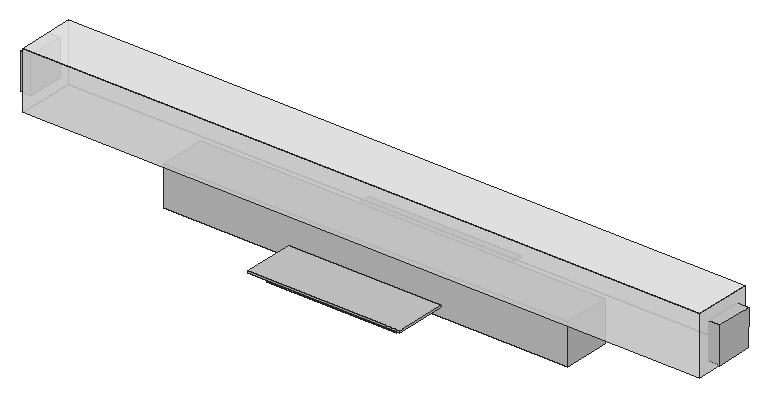
Revit family "2-5170-224 Adelphi", category Lighting Fixtures, Revit 2014
Parameters
  Wattage = 4.9077 W
  built-in parameter 1150110 = 1 (stored number, unit not read)
  URL = "http:www//oxygenlighting.com"
  Type Comments = "Lighting - Fluorescent"
  built-in parameter 1114217 = 1 (stored number, unit not read)
  Tilt Angle = 180.00°
  built-in parameter 1150109 = 1 (stored number, unit not read)
  built-in parameter 1150134 = 3
  built-in parameter 1150113 = 1 (stored number, unit not read)
  SHADE = White Linen Shade
  Product Documentation Link = "http://oxygenlighting.com.s3.amazonaws.com/downloads/cutsheets/2-5170-xxx.pdf"
  Power Factor = ""
  Photometric Web File = "2-5170-224.IES"
  Model = "2-5170-224"
  Metal Finish = Satin Nickel
  Manufacturer = "Oxygen Lighting"
  built-in parameter 1150105 = 58.012 (stored number, unit not read)
  Lumens = 729 lm
  built-in parameter 1150115 = 1 (stored number, unit not read)
  built-in parameter 1150137 = (empty or 0)
  built-in parameter 1150139 = (empty or 0)
  built-in parameter 1150112 = 1 (stored number, unit not read)
  Lamp Manufacturer = "Sylvania"
  built-in parameter 1150114 = 1 (stored number, unit not read)
  Lamp = "1x14W T5 Linear fluorescent"
  Junction Box = "4\" Octagonal"
  Input Voltage = "120V"
  Input Power = "17.3"
  Input Current = ""
  built-in parameter 1150132 = 2
  built-in parameter 1150102 = (empty or 0)
  built-in parameter 1150107 = 3200 (stored number, unit not read)
  built-in parameter 1150138 = (empty or 0)
  built-in parameter 1150106 = 0.58012 (stored number, unit not read)
  Fixture Length = 1' - 11 1/2"
  Fixture Height = 0' - 2"
  Emit from Rectangle Width = 2' - 0"
  Emit from Rectangle Length = 4' - 0"
  Emit Shape Visible in Rendering = no
  built-in parameter 1150104 = 13.8 (stored number, unit not read)
  Dimming Lamp Color Temperature Shift = (empty or 0)
  Color Filter = 16777215
  built-in parameter 1114218 = 1 (stored number, unit not read)
  Ballast  Manufacturer = "Antron Electronics ESD-A21T5"
  Diffuser = Matte White Acrylic
  Description = "24 1/4\" Vanity"
  Default Elevation = 4' - 0"
  built-in parameter 1150133 = 10 (stored number, unit not read)
  Apparent Load = 17.3 VA
  ADA Compliant = yes
Reference planes (in)
  plane 1 "Light Source Axis (F/B)": y = -8.60801
  plane 2: z = 0
  plane 3 "Light Source Axis (L/R)": x = 0
  plane 4 "Light Source Elevation": z = 5
  plane 5: z = 0
  plane 6: z = 2.3848
  plane 7: z = 1.8848
  plane 8: x = 11.75
  plane 9: x = -11.75
  plane 10: y = -7.60801
  plane 11: y = -9.60801
  plane 12: y = -5.98301
  plane 13: y = -11.23301
  plane 14: z = 3.375
  plane 15: z = 1.375
  plane 16: z = 3
  plane 17: z = 1.75
  plane 18: x = -7
  plane 19: x = 7
Forms (in)
  Extrusion 1, solid, material "Satin Nickel" <- "Metal Finish", not visible
    sketch origin (0, 0, 5) x (0, -1, 0) y (1, 0, 0)
      loop
        line (2.60801, -6) -> (14.60801, -6) -> (14.60801, 6) -> (2.60801, 6) -> (2.60801, -6)
      loop
        line (14.04551, 5.4375) -> (3.17051, 5.4375) -> (3.17051, -5.4375) -> (14.04551, -5.4375) -> (14.04551, 5.4375)
    from -0.375 to -0.785
  Extrusion 2, solid, material "Satin Nickel" <- "Metal Finish", not visible
    sketch origin (0, 0, 5) x (0, -1, 0) y (1, 0, 0)
      loop
        line (2.60801, -6) -> (14.60801, -6) -> (14.60801, 6) -> (2.60801, 6) -> (2.60801, -6)
    from -5 to -4.59
  Extrusion 3, solid, material "Satin Nickel" <- "Metal Finish", not visible
    sketch origin (0, 0, 5) x (0, -1, 0) y (1, 0, 0)
      loop
        circle (14.27801, 5.67) r 0.195
      loop
        circle (14.27801, -5.67) r 0.195
      loop
        circle (2.93801, -5.67) r 0.195
      loop
        circle (2.93801, 5.67) r 0.195
    from -0.175 to -5
  Extrusion 4, solid, material "Matte White Acrylic" <- "Diffuser", not visible
    sketch origin (0, 0, 5) x (0, -1, 0) y (1, 0, 0)
      loop
        line (3.17051, -5.4375) -> (14.04551, -5.4375) -> (14.04551, 5.4375) -> (3.17051, 5.4375) -> (3.17051, -5.4375)
      loop
        line (3.25051, 5.3575) -> (3.25051, -5.3575) -> (13.96551, -5.3575) -> (13.96551, 5.3575) -> (3.25051, 5.3575)
    from -4.59 to -0.375
  Extrusion 5, solid, material "Matte White Acrylic" <- "Diffuser", not visible
    sketch origin (0, 0, 5) x (0, -1, 0) y (1, 0, 0)
      loop
        line (3.17051, -5.4375) -> (14.04551, -5.4375) -> (14.04551, 5.4375) -> (3.17051, 5.4375) -> (3.17051, -5.4375)
    from -0.45282 to -0.375
  Revolve 6, solid, material "Satin Nickel" <- "Metal Finish", not visible
    sketch origin (-5.67, 0, 0) x (0, 1, 0) y (0, 0, 1)
      loop
        arc (-2.74301, 4.825) -> (-2.83442, 4.87697) -> (-2.93801, 4.895) r 0.30661
        line (-2.93801, 4.895) -> (-2.93801, 4.825) -> (-2.74301, 4.825)
      axis (-2.93801, 4.825) -> (-2.93801, 4.895)
    angle from 0 to 360
  Revolve 7, solid, material "Satin Nickel" <- "Metal Finish", not visible
    sketch origin (5.67, -11.34, 0) x (0, 1, 0) y (0, 0, 1)
      loop
        arc (-2.74301, 4.825) -> (-2.83442, 4.87697) -> (-2.93801, 4.895) r 0.30661
        line (-2.93801, 4.895) -> (-2.93801, 4.825) -> (-2.74301, 4.825)
      axis (-2.93801, 4.825) -> (-2.93801, 4.895)
    angle from 0 to 360
  Revolve 8, solid, material "Satin Nickel" <- "Metal Finish", not visible
    sketch origin (5.67, 0, 0) x (0, 1, 0) y (0, 0, 1)
      loop
        arc (-2.74301, 4.825) -> (-2.83442, 4.87697) -> (-2.93801, 4.895) r 0.30661
        line (-2.93801, 4.895) -> (-2.93801, 4.825) -> (-2.74301, 4.825)
      axis (-2.93801, 4.825) -> (-2.93801, 4.895)
    angle from 0 to 360
  Revolve 9, solid, material "Satin Nickel" <- "Metal Finish", not visible
    sketch origin (-5.67, -11.34, 0) x (0, 1, 0) y (0, 0, 1)
      loop
        arc (-2.74301, 4.825) -> (-2.83442, 4.87697) -> (-2.93801, 4.895) r 0.30661
        line (-2.93801, 4.895) -> (-2.93801, 4.825) -> (-2.74301, 4.825)
      axis (-2.93801, 4.825) -> (-2.93801, 4.895)
    angle from 0 to 360
  Extrusion 10, solid, material "Matte White Acrylic" <- "Diffuser", not visible
    sketch origin (0, 0, 5) x (0, -1, 0) y (1, 0, 0)
      loop
        circle (8.60801, 0) r 7.43856
    from 7.56293 to 7.75993
  Extrusion 11, solid, material "Satin Nickel" <- "Metal Finish", not visible
    sketch origin (0, 0, 5) x (0, -1, 0) y (1, 0, 0)
      loop
        circle (8.60801, 0) r 2.758
    from 7.81903 to 7.90405
  Revolve 12, solid, material "Satin Nickel" <- "Metal Finish", not visible
    sketch origin (0, 0, 0) x (0, 1, 0) y (0, 0, 1)
      loop
        line (-1.41871, 10.61415) -> (-1.41871, 12.56293) -> (-1.45023, 12.56293) -> (-1.45023, 10.61415)
        arc (-1.45023, 10.61415) -> (-1.456, 10.60022) -> (-1.46993, 10.59445) r 0.0197
        line (-1.46993, 10.59445) -> (-7.84827, 10.59445)
        arc (-7.84827, 10.59445) -> (-7.91857, 10.60077) -> (-7.98661, 10.61953) r 0.394
        line (-7.98661, 10.61953) -> (-8.16802, 10.68756)
        arc (-8.16802, 10.68756) -> (-8.23606, 10.70633) -> (-8.30636, 10.71265) r 0.394
        line (-8.30636, 10.71265) -> (-8.60801, 10.71265) -> (-8.60801, 10.68113) -> (-8.30636, 10.68113)
        arc (-8.30636, 10.68113) -> (-8.28126, 10.68033) -> (-8.25625, 10.67793) r 0.394
        arc (-8.25625, 10.67793) -> (-8.2115, 10.66954) -> (-8.16802, 10.65604) r 0.394
        line (-8.16802, 10.65604) -> (-7.98661, 10.58801)
        arc (-7.98661, 10.58801) -> (-7.91857, 10.56925) -> (-7.84827, 10.56293) r 0.394
        line (-7.84827, 10.56293) -> (-1.46993, 10.56293)
        arc (-1.46993, 10.56293) -> (-1.43372, 10.57793) -> (-1.41871, 10.61415) r 0.05122
      axis (-8.60801, 12.56293) -> (-8.60801, 10.56293)
    angle from 0 to 360
  Extrusion 13, solid, not visible
    sketch origin (0, 0, 5) x (0, -1, 0) y (1, 0, 0)
      loop
        circle (13.2144, 2.6595) r 0.197
      loop
        circle (4.00163, 2.6595) r 0.197
      loop
        circle (8.60801, -5.319) r 0.197
    from 5.00069 to 5.59445
  Revolve 14, solid, not visible
    sketch origin (0, 0, 0) x (0, 1, 0) y (0, 0, 1)
      loop
        line (-6.83801, 1.09605) -> (-6.83801, 1.3)
        arc (-6.83801, 1.3) -> (-6.882, 1.32836) -> (-6.93301, 1.34) r 0.15097
        line (-6.93301, 1.34) -> (-6.93301, 1.46) -> (-7.00801, 1.46) -> (-7.00801, 1.03) -> (-6.77801, 1.03) -> (-6.77801, 1.07)
        arc (-6.77801, 1.07) -> (-6.80582, 1.08809) -> (-6.83801, 1.09605) r 0.09961
      axis (-7.00801, 1.03) -> (-7.00801, 1.46)
    angle from 0 to 360
  Revolve 15, solid, not visible
    sketch origin (0, 0, 0) x (0, 1, 0) y (0, 0, 1)
      loop
        line (-6.60801, 0.9675) -> (-5.85801, 0.9675) -> (-5.85801, 1.03) -> (-8.60801, 1.03) -> (-8.60801, 0) -> (-6.60801, 0) -> (-6.60801, 0.9675)
      axis (-8.60801, 1.03) -> (-8.60801, 0)
    angle from 0 to 360
  Blend 16, solid, not visible
    base sketch origin (0, 0, 5) x (0, -1, 0) y (1, 0, 0)
      loop
        circle (7.01958, 0) r 0.03114
    top sketch origin (0, 0, 5) x (0, -1, 0) y (1, 0, 0)
      loop
        circle (3.99126, 2.65199) r 0.03261
    from -3.54 to 5.00069
  Revolve 17, solid, not visible
    sketch origin (7.45476, -12.91202, 0) x (0.866025, -0.5, 0) y (0, 0, 1)
      loop
        line (-6.83801, 1.09605) -> (-6.83801, 1.3)
        arc (-6.83801, 1.3) -> (-6.882, 1.32836) -> (-6.93301, 1.34) r 0.15097
        line (-6.93301, 1.34) -> (-6.93301, 1.46) -> (-7.00801, 1.46) -> (-7.00801, 1.03) -> (-6.77801, 1.03) -> (-6.77801, 1.07)
        arc (-6.77801, 1.07) -> (-6.80582, 1.08809) -> (-6.83801, 1.09605) r 0.09961
      axis (-7.00801, 1.03) -> (-7.00801, 1.46)
    angle from 0 to 360
  Revolve 18, solid, not visible
    sketch origin (-7.45476, -12.91202, 0) x (-0.866025, -0.5, 0) y (0, 0, 1)
      loop
        line (-6.83801, 1.09605) -> (-6.83801, 1.3)
        arc (-6.83801, 1.3) -> (-6.882, 1.32836) -> (-6.93301, 1.34) r 0.15097
        line (-6.93301, 1.34) -> (-6.93301, 1.46) -> (-7.00801, 1.46) -> (-7.00801, 1.03) -> (-6.77801, 1.03) -> (-6.77801, 1.07)
        arc (-6.77801, 1.07) -> (-6.80582, 1.08809) -> (-6.83801, 1.09605) r 0.09961
      axis (-7.00801, 1.03) -> (-7.00801, 1.46)
    angle from 0 to 360
  Blend 19, solid, not visible
    base sketch origin (0, 0, 5) x (0, -1, 0) y (1, 0, 0)
      loop
        circle (9.39942, 1.38405) r 0.03129
    top sketch origin (0, 0, 5) x (0, -1, 0) y (1, 0, 0)
      loop
        circle (13.20572, 2.65068) r 0.03291
    from -3.54 to 5.00069
  Blend 20, solid, not visible
    base sketch origin (0, 0, 5) x (0, -1, 0) y (1, 0, 0)
      loop
        circle (9.40429, -1.38764) r 0.03256
    top sketch origin (0, 0, 5) x (0, -1, 0) y (1, 0, 0)
      loop
        circle (8.60801, -5.31942) r 0.03147
    from -3.54 to 5.00069
  Extrusion 21, solid, material "Matte White Acrylic" <- "Diffuser", not visible
    sketch origin (0, 0, 5) x (0, -1, 0) y (1, 0, 0)
      loop
        circle (8.60801, 0) r 7.43856
    from 7.56293 to 7.75993
  Extrusion 22, solid, material "Satin Nickel" <- "Metal Finish", not visible
    sketch origin (0, 0, 5) x (0, -1, 0) y (1, 0, 0)
      loop
        circle (8.60801, 0) r 2.758
    from 7.81903 to 7.90405
  Revolve 23, solid, material "Satin Nickel" <- "Metal Finish", not visible
    sketch origin (0, 0, 0) x (0, 1, 0) y (0, 0, 1)
      loop
        line (-1.41871, 10.61415) -> (-1.41871, 12.56293) -> (-1.45023, 12.56293) -> (-1.45023, 10.61415)
        arc (-1.45023, 10.61415) -> (-1.456, 10.60022) -> (-1.46993, 10.59445) r 0.0197
        line (-1.46993, 10.59445) -> (-7.84827, 10.59445)
        arc (-7.84827, 10.59445) -> (-7.91857, 10.60077) -> (-7.98661, 10.61953) r 0.394
        line (-7.98661, 10.61953) -> (-8.16802, 10.68756)
        arc (-8.16802, 10.68756) -> (-8.23606, 10.70633) -> (-8.30636, 10.71265) r 0.394
        line (-8.30636, 10.71265) -> (-8.60801, 10.71265) -> (-8.60801, 10.68113) -> (-8.30636, 10.68113)
        arc (-8.30636, 10.68113) -> (-8.28126, 10.68033) -> (-8.25625, 10.67793) r 0.394
        arc (-8.25625, 10.67793) -> (-8.2115, 10.66954) -> (-8.16802, 10.65604) r 0.394
        line (-8.16802, 10.65604) -> (-7.98661, 10.58801)
        arc (-7.98661, 10.58801) -> (-7.91857, 10.56925) -> (-7.84827, 10.56293) r 0.394
        line (-7.84827, 10.56293) -> (-1.46993, 10.56293)
        arc (-1.46993, 10.56293) -> (-1.43372, 10.57793) -> (-1.41871, 10.61415) r 0.05122
      axis (-8.60801, 12.56293) -> (-8.60801, 10.56293)
    angle from 0 to 360
  Extrusion 24, solid, not visible
    sketch origin (-4.30401, -1.15326, 5) x (0.5, -0.866025, 0) y (0.866025, 0.5, 0)
      loop
        circle (13.2144, 2.6595) r 0.197
      loop
        circle (4.00163, 2.6595) r 0.197
      loop
        circle (8.60801, -5.319) r 0.197
    from 5.00069 to 5.59445
  Revolve 25, solid, not visible
    sketch origin (0, 0, 0) x (0, 1, 0) y (0, 0, 1)
      loop
        line (-6.83801, 1.09605) -> (-6.83801, 1.3)
        arc (-6.83801, 1.3) -> (-6.882, 1.32836) -> (-6.93301, 1.34) r 0.15097
        line (-6.93301, 1.34) -> (-6.93301, 1.46) -> (-7.00801, 1.46) -> (-7.00801, 1.03) -> (-6.77801, 1.03) -> (-6.77801, 1.07)
        arc (-6.77801, 1.07) -> (-6.80582, 1.08809) -> (-6.83801, 1.09605) r 0.09961
      axis (-7.00801, 1.03) -> (-7.00801, 1.46)
    angle from 0 to 360
  Revolve 26, solid, not visible
    sketch origin (0, 0, 0) x (0, 1, 0) y (0, 0, 1)
      loop
        line (-6.60801, 0.9675) -> (-5.85801, 0.9675) -> (-5.85801, 1.03) -> (-8.60801, 1.03) -> (-8.60801, 0) -> (-6.60801, 0) -> (-6.60801, 0.9675)
      axis (-8.60801, 1.03) -> (-8.60801, 0)
    angle from 0 to 360
  Blend 27, solid, not visible
    base sketch origin (0, 0, 5) x (0, -1, 0) y (1, 0, 0)
      loop
        circle (7.01958, 0) r 0.03114
    top sketch origin (0, 0, 5) x (0, -1, 0) y (1, 0, 0)
      loop
        circle (3.28066, 0) r 0.03261
    from -3.54 to 5.00069
  Revolve 28, solid, not visible
    sketch origin (7.45476, -12.91202, 0) x (0.866025, -0.5, 0) y (0, 0, 1)
      loop
        line (-6.83801, 1.09605) -> (-6.83801, 1.3)
        arc (-6.83801, 1.3) -> (-6.882, 1.32836) -> (-6.93301, 1.34) r 0.15097
        line (-6.93301, 1.34) -> (-6.93301, 1.46) -> (-7.00801, 1.46) -> (-7.00801, 1.03) -> (-6.77801, 1.03) -> (-6.77801, 1.07)
        arc (-6.77801, 1.07) -> (-6.80582, 1.08809) -> (-6.83801, 1.09605) r 0.09961
      axis (-7.00801, 1.03) -> (-7.00801, 1.46)
    angle from 0 to 360
  Revolve 29, solid, not visible
    sketch origin (-7.45476, -12.91202, 0) x (-0.866025, -0.5, 0) y (0, 0, 1)
      loop
        line (-6.83801, 1.09605) -> (-6.83801, 1.3)
        arc (-6.83801, 1.3) -> (-6.882, 1.32836) -> (-6.93301, 1.34) r 0.15097
        line (-6.93301, 1.34) -> (-6.93301, 1.46) -> (-7.00801, 1.46) -> (-7.00801, 1.03) -> (-6.77801, 1.03) -> (-6.77801, 1.07)
        arc (-6.77801, 1.07) -> (-6.80582, 1.08809) -> (-6.83801, 1.09605) r 0.09961
      axis (-7.00801, 1.03) -> (-7.00801, 1.46)
    angle from 0 to 360
  Blend 30, solid, not visible
    base sketch origin (0, 0, 5) x (0, -1, 0) y (1, 0, 0)
      loop
        circle (9.39942, 1.38405) r 0.03129
    top sketch origin (0, 0, 5) x (0, -1, 0) y (1, 0, 0)
      loop
        circle (11.26118, 4.59523) r 0.03291
    from -3.54 to 5.00069
  Blend 31, solid, not visible
    base sketch origin (0, 0, 5) x (0, -1, 0) y (1, 0, 0)
      loop
        circle (9.40429, -1.38764) r 0.03256
    top sketch origin (0, 0, 5) x (0, -1, 0) y (1, 0, 0)
      loop
        circle (11.25891, -4.60942) r 0.03278
    from -3.54 to 5.00069
  Extrusion 32, solid, material "Satin Nickel" <- "Metal Finish", not visible
    sketch origin (0, 0, 5) x (0, -1, 0) y (1, 0, 0)
      loop
        circle (8.60801, 0) r 5.1875
    from -5 to -4.5625
  Extrusion 33, solid, material "Satin Nickel" <- "Metal Finish", not visible
    sketch origin (0, 0, 5) x (0, -1, 0) y (1, 0, 0)
      loop
        circle (8.60801, 0) r 5.1875
      loop
        circle (8.60801, 0) r 4.375
    from -3.1875 to -2.75
  Extrusion 34, solid, material "Satin Nickel" <- "Metal Finish", not visible
    sketch origin (0, 0, 5) x (0, -1, 0) y (1, 0, 0)
      loop
        circle (3.82676, 0) r 0.1875
      loop
        circle (10.99864, 4.14068) r 0.1875
      loop
        circle (10.99864, -4.14068) r 0.1875
    from -4.5625 to -2.5625
  Revolve 35, solid, material "Matte White Acrylic" <- "Diffuser", not visible
    sketch origin (0, 0, 0) x (0, 1, 0) y (0, 0, 1)
      loop
        line (-8.60801, 3.43893) -> (-8.60801, 3.31393)
        arc (-8.60801, 3.31393) -> (-6.42584, 3.05921) -> (-4.361, 2.30875) r 9.47469
        line (-4.361, 2.30875) -> (-4.361, 1.6875) -> (-4.20176, 1.6875) -> (-4.20176, 0.4375) -> (-4.07676, 0.4375) -> (-4.07676, 1.8125) -> (-4.236, 1.8125) -> (-4.236, 2.38555)
        arc (-4.236, 2.38555) -> (-6.35945, 3.17187) -> (-8.60801, 3.43893) r 9.59969
      axis (-8.60801, 3.43893) -> (-8.60801, 0.4375)
    angle from 0 to 360
  Blend 36, solid, material "Satin Nickel" <- "Metal Finish", not visible
    base sketch origin (0, -8.60801, 0) x (1, 0, 0) y (0, 0, 1)
      loop
        line (-0.25, 2.3848) -> (-0.25, 1.8848) -> (0.25, 1.8848) -> (0.25, 2.3848) -> (-0.25, 2.3848)
    top sketch origin (0, -8.60801, 0) x (1, 0, 0) y (0, 0, 1)
      loop
        line (-0.875, 2.6973) -> (-0.875, 1.5723) -> (0.875, 1.5723) -> (0.875, 2.6973) -> (-0.875, 2.6973)
    from 21.5 to 2.40625
  Extrusion 37, solid, material "Satin Nickel" <- "Metal Finish", not visible
    sketch origin (0, 0, 5) x (0, -1, 0) y (1, 0, 0)
      loop
        line (15.97575, -1.25) -> (18.47575, -1.25) -> (18.47575, 1.25) -> (15.97575, 1.25) -> (15.97575, -1.25)
    from -5 to -4.5
  Extrusion 38, solid, material "Satin Nickel" <- "Metal Finish", not visible
    sketch origin (0, 0, 5) x (0, -1, 0) y (1, 0, 0)
      loop
        line (17.007, -0.25) -> (17.4445, -0.25) -> (17.4445, 0.21875) -> (17.007, 0.21875) -> (17.007, -0.25)
    from -4.51406 to -2.92248
  Extrusion 39, solid, material "White Linen Shade" <- "SHADE", not visible
    sketch origin (0, -8.60801, 0) x (1, 0, 0) y (0, 0, 1)
      loop
        line (3, 4) -> (-3, 4)
        arc (-3, 4) -> (-4.41421, 3.41421) -> (-5, 2) r 2
        line (-5, 2) -> (-5, 0.25) -> (-4.875, 0.25) -> (-4.875, 2)
        arc (-4.875, 2) -> (-4.32583, 3.32583) -> (-3, 3.875) r 1.875
        line (-3, 3.875) -> (3, 3.875)
        arc (3, 3.875) -> (4.32583, 3.32583) -> (4.875, 2) r 1.875
        line (4.875, 2) -> (4.875, 0.25) -> (5, 0.25) -> (5, 2)
        arc (5, 2) -> (4.41421, 3.41421) -> (3, 4) r 2
    from -2.5 to 2.25
  Extrusion 40, solid, material "Matte White Acrylic" <- "Diffuser", not visible
    sketch origin (0, -8.60801, 0) x (1, 0, 0) y (0, 0, 1)
      loop
        line (3, 3.625) -> (-3, 3.625)
        arc (-3, 3.625) -> (-4.04159, 3.08166) -> (-4.5, 2) r 1.73895
        line (-4.5, 2) -> (-4.5, 0.72327) -> (-4.5, 0) -> (4.5, 0) -> (4.5, 0.79585) -> (4.5, 2)
        arc (4.5, 2) -> (4.04159, 3.08166) -> (3, 3.625) r 1.73895
      loop
        circle (2.8125, 3.29504) r 0.1875
      loop
        circle (2.375, 3.26379) r 0.1875
      loop
        circle (1.90625, 3.26379) r 0.1875
      loop
        circle (1.4375, 3.26379) r 0.1875
      loop
        circle (3.28125, 2.85754) r 0.1875
      loop
        circle (3.75, 2.42004) r 0.1875
      loop
        circle (3.28125, 2.42004) r 0.1875
      loop
        circle (2.8125, 2.85754) r 0.1875
      loop
        circle (2.8125, 2.42004) r 0.1875
      loop
        circle (2.375, 2.82629) r 0.1875
      loop
        circle (2.375, 2.38879) r 0.1875
      loop
        circle (2.375, 1.95129) r 0.1875
      loop
        circle (4.21875, 1.98254) r 0.1875
      loop
        circle (4.21875, 1.54504) r 0.1875
      loop
        circle (4.21875, 1.10754) r 0.1875
      loop
        circle (3.75, 1.98254) r 0.1875
      loop
        circle (3.75, 1.54504) r 0.1875
      loop
        circle (3.75, 1.10754) r 0.1875
      loop
        circle (3.28125, 1.10754) r 0.1875
      loop
        circle (3.28125, 1.54504) r 0.1875
      loop
        circle (3.28125, 1.98254) r 0.1875
      loop
        circle (2.8125, 1.98254) r 0.1875
      loop
        circle (2.8125, 1.54504) r 0.1875
      loop
        circle (2.8125, 1.10754) r 0.1875
      loop
        circle (2.375, 1.51379) r 0.1875
      loop
        circle (2.375, 1.07629) r 0.1875
      loop
        circle (1.90625, 2.82629) r 0.1875
      loop
        circle (1.90625, 2.38879) r 0.1875
      loop
        circle (1.90625, 1.95129) r 0.1875
      loop
        circle (1.90625, 1.51379) r 0.1875
      loop
        circle (1.90625, 1.07629) r 0.1875
      loop
        circle (1.4375, 2.82629) r 0.1875
      loop
        circle (1.4375, 2.38879) r 0.1875
      loop
        circle (1.4375, 1.95129) r 0.1875
      loop
        circle (1.4375, 1.51379) r 0.1875
      loop
        circle (1.4375, 1.07629) r 0.1875
      loop
        circle (0.96875, 3.26379) r 0.1875
      loop
        circle (0.96875, 2.82629) r 0.1875
      loop
        circle (0.96875, 2.38879) r 0.1875
      loop
        circle (0.96875, 1.95129) r 0.1875
      loop
        circle (0.96875, 1.51379) r 0.1875
      loop
        circle (0.96875, 1.07629) r 0.1875
      loop
        circle (0.5, 1.07629) r 0.1875
      loop
        circle (0.5, 1.51379) r 0.1875
      loop
        circle (0.5, 1.95129) r 0.1875
      loop
        circle (0.5, 2.38879) r 0.1875
      loop
        circle (0.5, 2.82629) r 0.1875
      loop
        circle (0.5, 3.26379) r 0.1875
      loop
        circle (0, 3.26379) r 0.1875
      loop
        circle (0, 2.82629) r 0.1875
      loop
        circle (0, 2.15625) r 0.1875
      loop
        circle (0, 1.5625) r 0.1875
      loop
        circle (-0.5, 1.51379) r 0.1875
      loop
        circle (-0.5, 1.07629) r 0.1875
      loop
        circle (-0.5, 1.95129) r 0.1875
      loop
        circle (-0.5, 2.38879) r 0.1875
      loop
        circle (-0.5, 2.82629) r 0.1875
      loop
        circle (-0.5, 3.26379) r 0.1875
      loop
        circle (-0.96875, 3.26379) r 0.1875
      loop
        circle (-1.4375, 3.26379) r 0.1875
      loop
        circle (-0.96875, 2.82629) r 0.1875
      loop
        circle (-1.4375, 2.82629) r 0.1875
      loop
        circle (-1.90625, 3.26379) r 0.1875
      loop
        circle (-2.375, 3.26379) r 0.1875
      loop
        circle (-2.8125, 3.29504) r 0.1875
      loop
        circle (-1.90625, 2.82629) r 0.1875
      loop
        circle (-2.375, 2.82629) r 0.1875
      loop
        circle (-2.8125, 2.85754) r 0.1875
      loop
        circle (-3.28125, 2.85754) r 0.1875
      loop
        circle (-1.4375, 2.38879) r 0.1875
      loop
        circle (-0.96875, 2.38879) r 0.1875
      loop
        circle (-0.96875, 1.95129) r 0.1875
      loop
        circle (-0.96875, 1.51379) r 0.1875
      loop
        circle (-0.96875, 1.07629) r 0.1875
      loop
        circle (-1.4375, 1.51379) r 0.1875
      loop
        circle (-1.4375, 1.07629) r 0.1875
      loop
        circle (-1.4375, 1.95129) r 0.1875
      loop
        circle (-1.90625, 2.38879) r 0.1875
      loop
        circle (-1.90625, 1.95129) r 0.1875
      loop
        circle (-1.90625, 1.51379) r 0.1875
      loop
        circle (-1.90625, 1.07629) r 0.1875
      loop
        circle (-2.375, 1.07629) r 0.1875
      loop
        circle (-2.375, 1.51379) r 0.1875
      loop
        circle (-2.375, 1.95129) r 0.1875
      loop
        circle (-2.375, 2.38879) r 0.1875
      loop
        circle (-2.8125, 2.42004) r 0.1875
      loop
        circle (-2.8125, 1.98254) r 0.1875
      loop
        circle (-2.8125, 1.54504) r 0.1875
      loop
        circle (-2.8125, 1.10754) r 0.1875
      loop
        circle (-3.28125, 1.54504) r 0.1875
      loop
        circle (-3.28125, 1.10754) r 0.1875
      loop
        circle (-3.28125, 1.98254) r 0.1875
      loop
        circle (-3.28125, 2.42004) r 0.1875
      loop
        circle (-3.75, 2.42004) r 0.1875
      loop
        circle (-3.75, 1.98254) r 0.1875
      loop
        circle (-3.75, 1.54504) r 0.1875
      loop
        circle (-3.75, 1.10754) r 0.1875
      loop
        circle (-4.21875, 1.10754) r 0.1875
      loop
        circle (-4.21875, 1.54504) r 0.1875
      loop
        circle (-4.21875, 1.98254) r 0.1875
    from 2.28125 to 2.40625
  Extrusion 41, solid, material "Matte White Acrylic" <- "Diffuser", not visible
    sketch origin (0, -8.60801, 0) x (1, 0, 0) y (0, 0, -1)
      loop
        arc (3, -3.625) -> (4.04159, -3.08166) -> (4.5, -2) r 1.73895
        line (4.5, -2) -> (4.5, -0.8125) -> (-4.5, -0.8125) -> (-4.5, -2)
        arc (-4.5, -2) -> (-4.04159, -3.08166) -> (-3, -3.625) r 1.73895
        line (-3, -3.625) -> (3, -3.625)
      loop
        circle (2.8125, -3.29504) r 0.1875
      loop
        circle (2.375, -3.26379) r 0.1875
      loop
        circle (1.90625, -3.26379) r 0.1875
      loop
        circle (1.4375, -3.26379) r 0.1875
      loop
        circle (3.28125, -2.85754) r 0.1875
      loop
        circle (3.75, -2.42004) r 0.1875
      loop
        circle (3.28125, -2.42004) r 0.1875
      loop
        circle (2.8125, -2.85754) r 0.1875
      loop
        circle (2.8125, -2.42004) r 0.1875
      loop
        circle (2.375, -2.82629) r 0.1875
      loop
        circle (2.375, -2.38879) r 0.1875
      loop
        circle (2.375, -1.95129) r 0.1875
      loop
        circle (4.21875, -1.98254) r 0.1875
      loop
        circle (4.21875, -1.54504) r 0.1875
      loop
        circle (4.21875, -1.10754) r 0.1875
      loop
        circle (3.75, -1.98254) r 0.1875
      loop
        circle (3.75, -1.54504) r 0.1875
      loop
        circle (3.75, -1.10754) r 0.1875
      loop
        circle (3.28125, -1.10754) r 0.1875
      loop
        circle (3.28125, -1.54504) r 0.1875
      loop
        circle (3.28125, -1.98254) r 0.1875
      loop
        circle (2.8125, -1.98254) r 0.1875
      loop
        circle (2.8125, -1.54504) r 0.1875
      loop
        circle (2.8125, -1.10754) r 0.1875
      loop
        circle (2.375, -1.51379) r 0.1875
      loop
        circle (2.375, -1.07629) r 0.1875
      loop
        circle (1.90625, -2.82629) r 0.1875
      loop
        circle (1.90625, -2.38879) r 0.1875
      loop
        circle (1.90625, -1.95129) r 0.1875
      loop
        circle (1.90625, -1.51379) r 0.1875
      loop
        circle (1.90625, -1.07629) r 0.1875
      loop
        circle (1.4375, -2.82629) r 0.1875
      loop
        circle (1.4375, -2.38879) r 0.1875
      loop
        circle (1.4375, -1.95129) r 0.1875
      loop
        circle (1.4375, -1.51379) r 0.1875
      loop
        circle (1.4375, -1.07629) r 0.1875
      loop
        circle (0.96875, -3.26379) r 0.1875
      loop
        circle (0.96875, -2.82629) r 0.1875
      loop
        circle (0.96875, -2.38879) r 0.1875
      loop
        circle (0.96875, -1.95129) r 0.1875
      loop
        circle (0.96875, -1.51379) r 0.1875
      loop
        circle (0.96875, -1.07629) r 0.1875
      loop
        circle (0.5, -1.07629) r 0.1875
      loop
        circle (0.5, -1.51379) r 0.1875
      loop
        circle (0.5, -1.95129) r 0.1875
      loop
        circle (0.5, -2.38879) r 0.1875
      loop
        circle (0.5, -2.82629) r 0.1875
      loop
        circle (0.5, -3.26379) r 0.1875
      loop
        circle (0, -3.26379) r 0.1875
      loop
        circle (0, -2.82629) r 0.1875
      loop
        circle (0, -2.15625) r 0.1875
      loop
        circle (0, -1.5625) r 0.1875
      loop
        circle (-0.5, -1.51379) r 0.1875
      loop
        circle (-0.5, -1.07629) r 0.1875
      loop
        circle (-0.5, -1.95129) r 0.1875
      loop
        circle (-0.5, -2.38879) r 0.1875
      loop
        circle (-0.5, -2.82629) r 0.1875
      loop
        circle (-0.5, -3.26379) r 0.1875
      loop
        circle (-0.96875, -3.26379) r 0.1875
      loop
        circle (-1.4375, -3.26379) r 0.1875
      loop
        circle (-0.96875, -2.82629) r 0.1875
      loop
        circle (-1.4375, -2.82629) r 0.1875
      loop
        circle (-1.90625, -3.26379) r 0.1875
      loop
        circle (-2.375, -3.26379) r 0.1875
      loop
        circle (-2.8125, -3.29504) r 0.1875
      loop
        circle (-1.90625, -2.82629) r 0.1875
      loop
        circle (-2.375, -2.82629) r 0.1875
      loop
        circle (-2.8125, -2.85754) r 0.1875
      loop
        circle (-3.28125, -2.85754) r 0.1875
      loop
        circle (-1.4375, -2.38879) r 0.1875
      loop
        circle (-0.96875, -2.38879) r 0.1875
      loop
        circle (-0.96875, -1.95129) r 0.1875
      loop
        circle (-0.96875, -1.51379) r 0.1875
      loop
        circle (-0.96875, -1.07629) r 0.1875
      loop
        circle (-1.4375, -1.51379) r 0.1875
      loop
        circle (-1.4375, -1.07629) r 0.1875
      loop
        circle (-1.4375, -1.95129) r 0.1875
      loop
        circle (-1.90625, -2.38879) r 0.1875
      loop
        circle (-1.90625, -1.95129) r 0.1875
      loop
        circle (-1.90625, -1.51379) r 0.1875
      loop
        circle (-1.90625, -1.07629) r 0.1875
      loop
        circle (-2.375, -1.07629) r 0.1875
      loop
        circle (-2.375, -1.51379) r 0.1875
      loop
        circle (-2.375, -1.95129) r 0.1875
      loop
        circle (-2.375, -2.38879) r 0.1875
      loop
        circle (-2.8125, -2.42004) r 0.1875
      loop
        circle (-2.8125, -1.98254) r 0.1875
      loop
        circle (-2.8125, -1.54504) r 0.1875
      loop
        circle (-2.8125, -1.10754) r 0.1875
      loop
        circle (-3.28125, -1.54504) r 0.1875
      loop
        circle (-3.28125, -1.10754) r 0.1875
      loop
        circle (-3.28125, -1.98254) r 0.1875
      loop
        circle (-3.28125, -2.42004) r 0.1875
      loop
        circle (-3.75, -2.42004) r 0.1875
      loop
        circle (-3.75, -1.98254) r 0.1875
      loop
        circle (-3.75, -1.54504) r 0.1875
      loop
        circle (-3.75, -1.10754) r 0.1875
      loop
        circle (-4.21875, -1.10754) r 0.1875
      loop
        circle (-4.21875, -1.54504) r 0.1875
      loop
        circle (-4.21875, -1.98254) r 0.1875
    from 2.28125 to 2.40625
  Extrusion 42, solid, material "Satin Nickel" <- "Metal Finish", not visible
    sketch origin (0, -8.60801, 0) x (1, 0, 0) y (0, 0, 1)
      loop
        line (4.875, 0.13975) -> (4.59045, 0.70885)
        arc (4.59045, 0.70885) -> (4.52132, 0.7845) -> (4.42275, 0.8125) r 0.1875
        line (4.42275, 0.8125) -> (-4.42275, 0.8125)
        arc (-4.42275, 0.8125) -> (-4.52132, 0.7845) -> (-4.59045, 0.70885) r 0.1875
        line (-4.59045, 0.70885) -> (-4.875, 0.13975) -> (-4.875, 0) -> (-4.53455, 0.6809)
        arc (-4.53455, 0.6809) -> (-4.48846, 0.73133) -> (-4.42275, 0.75) r 0.125
        line (-4.42275, 0.75) -> (4.42275, 0.75)
        arc (4.42275, 0.75) -> (4.48846, 0.73133) -> (4.53455, 0.6809) r 0.125
        line (4.53455, 0.6809) -> (4.875, 0) -> (4.875, 0.13975)
    from -2.5 to 2.40625
  Extrusion 43, solid, material "generic grey", not visible
    sketch origin (0, -8.60801, 0) x (1, 0, 0) y (0, 0, 1)
      loop
        arc (5, 2) -> (4.41421, 3.41421) -> (3, 4) r 2
        line (3, 4) -> (-3, 4)
        arc (-3, 4) -> (-4.41421, 3.41421) -> (-5, 2) r 2
        line (-5, 2) -> (-5, 0) -> (-4.875, 0) -> (-4.875, 2)
        arc (-4.875, 2) -> (-4.32583, 3.32583) -> (-3, 3.875) r 1.875
        line (-3, 3.875) -> (3, 3.875)
        arc (3, 3.875) -> (4.32583, 3.32583) -> (4.875, 2) r 1.875
        line (4.875, 2) -> (4.875, 0.25) -> (5, 0.25) -> (5, 2)
    from -2.75077 to -2.5
  Extrusion 44, solid, material "generic grey", not visible
    sketch origin (0, -8.35724, 0) x (1, 0, 0) y (0, 0, -1)
      loop
        line (5, -2) -> (5, 0) -> (4.875, 0) -> (4.875, -2)
        arc (4.875, -2) -> (4.32583, -3.32583) -> (3, -3.875) r 1.875
        line (3, -3.875) -> (-3, -3.875)
        arc (-3, -3.875) -> (-4.32583, -3.32583) -> (-4.875, -2) r 1.875
        line (-4.875, -2) -> (-4.875, 0) -> (-5, 0) -> (-5, -2)
        arc (-5, -2) -> (-4.41421, -3.41421) -> (-3, -4) r 2
        line (-3, -4) -> (3, -4)
        arc (3, -4) -> (4.41421, -3.41421) -> (5, -2) r 2
    from -2.75077 to -2.5
  Extrusion 45, solid, material "generic grey", not visible
    sketch origin (0, -8.60801, 0) x (1, 0, 0) y (0, 0, 1)
      loop
        line (5, 0.25) -> (4.875, 0.25) -> (4.875, 0) -> (5, 0) -> (5, 0.25)
      loop
        line (-5, 0.25) -> (-5, 0) -> (-4.875, 0) -> (-4.875, 0.25) -> (-5, 0.25)
    from -2.5 to 2.25
  Extrusion 46, solid, material "Satin Nickel" <- "Metal Finish"
    sketch origin (0, 0, 0) x (0, 1, 0) y (0, 0, 1)
      loop
        line (-5.98301, 0.375) -> (-11.23301, 0.375) -> (-11.23301, 0.3125) -> (-5.98301, 0.3125) -> (-5.98301, 0.375)
    from -2.625 to 2.625
  Extrusion 47, solid, material "Satin Nickel" <- "Metal Finish"
    sketch origin (0, 0, 0) x (0, 1, 0) y (0, 0, 1)
      loop
        line (-6.35801, 0.3125) -> (-10.85801, 0.3125) -> (-10.85801, 0) -> (-6.35801, 0) -> (-6.35801, 0.3125)
    from -2.27357 to 2.25
  Extrusion 48, solid, material "Matte White Acrylic" <- "Diffuser"
    sketch origin (0, 0, 5) x (0, -1, 0) y (1, 0, 0)
      loop
        line (7.60801, -11.75) -> (9.60801, -11.75) -> (9.60801, 11.75) -> (7.60801, 11.75) -> (7.60801, -11.75)
    from -3.625 to -1.625
  Extrusion 49, solid, material "Satin Nickel" <- "Metal Finish"
    sketch origin (0, 0, 5) x (0, -1, 0) y (1, 0, 0)
      loop
        line (7.98301, -12.125) -> (9.23301, -12.125) -> (9.23301, -11.75) -> (7.98301, -11.75) -> (7.98301, -12.125)
      loop
        line (7.98301, 11.75) -> (9.23301, 11.75) -> (9.23301, 12.125) -> (7.98301, 12.125) -> (7.98301, 11.75)
    from -3.25 to -2
  Extrusion 50, solid, material "Satin Nickel" <- "Metal Finish"
    sketch origin (0, 0, 0) x (0, 1, 0) y (0, 0, 1)
      loop
        line (-7.79551, 1.375) -> (-9.42051, 1.375) -> (-9.42051, 0) -> (-7.79551, 0) -> (-7.79551, 1.375)
    from -7 to 7
  Extrusion 51, solid, material "Satin Nickel" <- "Metal Finish", not visible
    sketch origin (0, 0, 0) x (0, 1, 0) y (0, 0, 1)
      loop
        line (-5.98301, 0.375) -> (-11.23301, 0.375) -> (-11.23301, 0.3125) -> (-5.98301, 0.3125) -> (-5.98301, 0.375)
    from -2.625 to 2.625
  Extrusion 52, solid, material "Satin Nickel" <- "Metal Finish", not visible
    sketch origin (0, 0, 0) x (0, 1, 0) y (0, 0, 1)
      loop
        line (-6.35801, 0.3125) -> (-10.85801, 0.3125) -> (-10.85801, 0) -> (-6.35801, 0) -> (-6.35801, 0.3125)
    from -2.27357 to 2.25
  Extrusion 53, solid, material "Matte White Acrylic" <- "Diffuser", not visible
    sketch origin (0, 0, 5) x (0, -1, 0) y (1, 0, 0)
      loop
        line (7.60801, -11.75) -> (9.60801, -11.75) -> (9.60801, 11.75) -> (7.60801, 11.75) -> (7.60801, -11.75)
    from -3.625 to -1.625
  Extrusion 54, solid, material "Satin Nickel" <- "Metal Finish", not visible
    sketch origin (0, 0, 5) x (0, -1, 0) y (1, 0, 0)
      loop
        line (7.98301, -12.125) -> (9.23301, -12.125) -> (9.23301, -11.75) -> (7.98301, -11.75) -> (7.98301, -12.125)
      loop
        line (7.98301, 11.75) -> (9.23301, 11.75) -> (9.23301, 12.125) -> (7.98301, 12.125) -> (7.98301, 11.75)
    from -3.25 to -2
  Extrusion 55, solid, material "Satin Nickel" <- "Metal Finish", not visible
    sketch origin (0, 0, 0) x (0, 1, 0) y (0, 0, 1)
      loop
        line (-7.79551, 1.375) -> (-9.42051, 1.375) -> (-9.42051, 0) -> (-7.79551, 0) -> (-7.79551, 1.375)
    from -7 to 7
Dimensions and locks (in)
  "Fixture Length": plane 9 to plane 8
  "Fixture Height": Extrusion 48 to Extrusion 48
  Extrusion 46 to Extrusion 46 = 0' - 5 1/4"
  aligned and locked: level to plane 5
Automatic sketch dimensions
  Extrusion 46 sketch curve to Extrusion 46 sketch curve = 0' - 5 1/4"
  Extrusion 46 sketch curve to Extrusion 46 sketch curve = 0' - 0 1/16"
  Extrusion 47 sketch curve to Extrusion 47 sketch curve = 0' - 4 1/2"
  Extrusion 47 sketch curve to Extrusion 47 sketch curve = 0' - 0 5/16"
  Extrusion 48 sketch curve to Extrusion 48 sketch curve = 0' - 2"
  Extrusion 48 sketch curve to Extrusion 48 sketch curve = 1' - 11 1/2"
  Extrusion 49 sketch curve to Extrusion 49 sketch curve = 0' - 0"
  Extrusion 49 sketch curve to Extrusion 49 sketch curve = 0' - 1 1/4"  (x2)
  Extrusion 49 sketch curve to Extrusion 49 sketch curve = 0' - 0 3/8"  (x2)
  Extrusion 49 sketch curve to Extrusion 49 sketch curve = 1' - 11 1/2"
  Extrusion 50 sketch curve to Extrusion 50 sketch curve = 0' - 1 5/8"
  Extrusion 50 sketch curve to Extrusion 50 sketch curve = 0' - 1 3/8"
  Extrusion 51 sketch curve to Extrusion 51 sketch curve = 0' - 5 1/4"
  Extrusion 51 sketch curve to Extrusion 51 sketch curve = 0' - 0 1/16"
  Extrusion 52 sketch curve to Extrusion 52 sketch curve = 0' - 4 1/2"
  Extrusion 52 sketch curve to Extrusion 52 sketch curve = 0' - 0 5/16"
  Extrusion 53 sketch curve to Extrusion 53 sketch curve = 0' - 2"
  Extrusion 53 sketch curve to Extrusion 53 sketch curve = 1' - 11 1/2"
  Extrusion 54 sketch curve to Extrusion 54 sketch curve = 0' - 0"
  Extrusion 54 sketch curve to Extrusion 54 sketch curve = 0' - 1 1/4"  (x2)
  Extrusion 54 sketch curve to Extrusion 54 sketch curve = 0' - 0 3/8"  (x2)
  Extrusion 54 sketch curve to Extrusion 54 sketch curve = 1' - 11 1/2"
  Extrusion 55 sketch curve to Extrusion 55 sketch curve = 0' - 1 5/8"
  Extrusion 55 sketch curve to Extrusion 55 sketch curve = 0' - 1 3/8"
